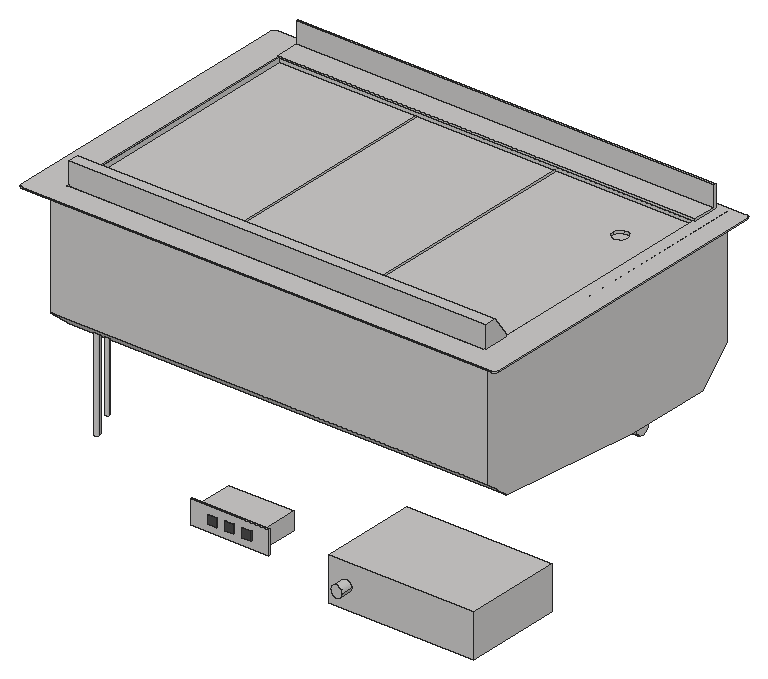
Revit family "QF_ELECTROLUXPROFESSIONAL_341099_D12R3", category Specialty Equipment, Revit 2018
Family settings
  Round Connector Dimension = Use Diameter
  Part Type = Normal
  Work Plane-Based = No
  Always vertical = Yes
  Cut with Voids When Loaded = No
  Shared = No
  Room Calculation Point = No
Parameters (values of type "341047.rfa")
  Weight = 0.00 kg
  Watts = 0 W
  Volts = 0 V
  URL Manufacturer = ""
  URL = ""
  Steam Supply Size = 0 mm
  Steam Supply Minimum Pressure = 0.0 Pa
  Steam Supply Maximum Pressure = 0.0 Pa
  Steam Pounds per Hour = 0
  Show Clearance [instance] = yes
  Remote Electrical Box_Z [instance] = 200.00 mm
  Remote Electrical Box_Y [instance] = 500.00 mm
  Remote Electrical Box_X [instance] = 700.00 mm
  Refrigeration Suction Line Size = 0 mm
  Refrigeration Liquid Line Size = 0 mm
  Refrigerant Compressor Remote = yes
  Manufacturer = ""
  Phase = 0
  Model = ""
  Length Actual = 1120.00 mm  # constant formula
  Item Number = ""
  Hot Water Size = 0 mm
  Height Actual = 390.00 mm  # constant formula
  HP = "0.1 HP"
  Gas Size = 0 mm
  Gas KW = 0
  Gas Input Pressure = 0 W
  Direct Waste Size = 25.4 mm
  Description = ""
  Depth Actual = 750.00 mm  # constant formula
  Cycle = 0 Hz
  Controller_Y [instance] = 500.00 mm
  Controller_1Z [instance] = 200.00 mm
  Controller_1X [instance] = 300.00 mm
  Condensate Return Size = 0 mm
  Compressed Air Volume = 0.0 L/s
  Compressed Air Size = 0 mm
  Compressed Air Pressure = 0.0 Pa
  Cold Water Size = 0 mm
  Accessory = yes
Types (2, lengths in mm): name | Volts | URL Manufacturer | URL | Manufacturer | Phase | Model | Item Number | Description | Cycle
  341047.rfa | 0 V | "" | "" | "" | 0 | "" | "" | "" | 0 Hz
  Standard | 220 V | "http://professional.electrolux.com" | "http://professional.electrolux.com" | "Electrolux Professional" | 1 | "D12R3" | "341099" | "DROP-IN REMOTE, REFRIGERATED WELL, VENTILATED, 3GN" | 50 Hz
Reference planes
  plane 1 "Centro (Fronte/Retro)": y = 74.737
  plane 2: z = 0
  plane 3 "BACK": y = 449.737
  plane 4 "FRONT": y = -300.263
  plane 5 "RIGHT": x = 45.731
  plane 6 "LEFT": x = -1074.269
  plane 7: x = -514.269
  plane 8 "TOP": z = 900
  plane 9: y = 417.737
  plane 10: y = -268.263
  plane 11: x = -0.769
  plane 12: x = -1027.769
  plane 13: y = 418.957
  plane 14: y = -244.483
  plane 15: x = -1004.269
  plane 16: x = -24.269
  plane 17: z = 898
  plane 18: x = -949.269
  plane 19: x = -499.269
  plane 20: x = -937.269
  plane 21: x = -511.269
  plane 22: x = -1001.269
  plane 23: x = -27.269
  plane 24: y = -229.763
  plane 25: y = 404.237
  plane 26: z = 554
  plane 27: z = 220
  plane 28: x = -677.602
  plane 29: x = -350.935
  plane 30: x = -680.675
  plane 31: x = -674.675
  plane 32: x = -353.862
  plane 33: x = -347.862
  plane 34 "2": y = 258.737
  plane 35 "1": x = -107.019
  plane 36: y = -195.263
  plane 37: y = 344.737
  plane 38: x = -774.269
  plane 39: x = -374.269
  plane 40: y = -50.263
  plane 41: y = -50.263
  plane 42: z = 200
  plane 43: z = 200
Forms (mm)
  Extrusion 1, solid, material "QF_Finishes_Stainless Steel"
    sketch origin (0, 0, 900) x (-1, 0, 0) y (0, -1, 0)
      loop
        arc (1064.269, -449.737) -> (1071.34, -446.808) -> (1074.269, -439.737) r 10
        line (1074.269, -439.737) -> (1074.269, 290.263)
        arc (1074.269, 290.263) -> (1071.34, 297.334) -> (1064.269, 300.263) r 10
        line (1064.269, 300.263) -> (-35.731, 300.263)
        arc (-35.731, 300.263) -> (-42.802, 297.334) -> (-45.731, 290.263) r 10
        line (-45.731, 290.263) -> (-45.731, -439.737)
        arc (-45.731, -439.737) -> (-42.802, -446.808) -> (-35.731, -449.737) r 10
        line (-35.731, -449.737) -> (1064.269, -449.737)
      loop
        line (1004.269, -418.957) -> (1004.269, 244.483) -> (24.269, 244.483) -> (24.269, -418.957) -> (1004.269, -418.957)
    from 0 to -2
  Extrusion 2, solid, material "QF_Finishes_Stainless Steel"
    sketch origin (231.731, 362.737, 0) x (0, -1, 0) y (0, 0, -1)
      loop
        line (625.5, -632.83) -> (569.68, -585.991) -> (204.019, -554) -> (-4.68, -554) -> (-74.5, -623.82) -> (-74.5, -898) -> (625.5, -898) -> (625.5, -632.83)
    from -1259.5 to -232.5
  Extrusion 3, solid, material "QF_Finishes_Stainless Steel"
    sketch origin (231.731, 362.737, 0) x (0, -1, 0) y (0, 0, -1)
      loop
        line (603, -950.5) -> (603, -898) -> (543, -898) -> (543, -905.079) -> (576, -950.5) -> (603, -950.5)
      loop
        line (-72, -950.5) -> (-67, -950.5) -> (-67, -903) -> (-12, -903) -> (-12, -898) -> (-72, -898) -> (-72, -950.5)
    from -1236 to -256
  Extrusion 4, void
    sketch origin (0, 0, 900) x (-1, 0, 0) y (0, -1, 0)
      loop
        line (1001.269, 180.263) -> (27.269, 180.263) -> (27.269, -374.737) -> (1001.269, -374.737) -> (1001.269, 180.263)
    from 0 to -15
  Extrusion 5, solid, material "QF_Finishes_Stainless Steel"
    sketch origin (0, 0, 900) x (-1, 0, 0) y (0, -1, 0)
      loop
        line (680.675, -374.737) -> (1001.269, -374.737) -> (1001.269, 180.263) -> (680.675, 180.263) -> (680.675, -374.737)
    from -15 to -10
  Extrusion 6, solid, material "QF_Finishes_Stainless Steel"
    sketch origin (-1028.537, 0, 900) x (1, 0, 0) y (0, 1, 0)
      loop
        line (680.675, 374.737) -> (680.675, -180.263) -> (1001.269, -180.263) -> (1001.269, 374.737) -> (680.675, 374.737)
    from -15 to -10
  Extrusion 7, solid, material "QF_Finishes_Stainless Steel"
    sketch origin (327.813, 0, 900) x (-1, 0, 0) y (0, -1, 0)
      loop
        line (681.675, -374.737) -> (1002.489, -374.737) -> (1002.489, 180.263) -> (681.675, 180.263) -> (681.675, -374.737)
    from -15 to -10
  Extrusion 8, void
    sketch origin (683.03, 184, 535.31) x (0, -1, 0) y (-1, 0, 0)
      loop
        circle (-74.737, 790.049) r 18
    from -364.69 to -18.69
  Sweep 9, solid, material "QF_Finishes_Stainless Steel"
    path origin (0, 258.737, 0) x (-1, 0, 0) y (0, 0, 1)
      loop
        line (107.019, 554) -> (107.019, 506) -> (55.269, 506)
    profile origin (-107.019, 258.737, 530) x (0, 1, 0) y (-1, 0, 0)
      loop
        circle (0, 0) r 18
  Extrusion 10, solid, material "QF_Finishes_Stainless Steel"
    sketch origin (-387, -65, 682) x (-1, 0, 0) y (0, -1, 0)
      loop
        circle (566.269, 155.263) r 6.35
    from -58.18 to -296
  Extrusion 11, solid, material "QF_Finishes_Stainless Steel"
    sketch origin (-462, -65, 682) x (-1, 0, 0) y (0, -1, 0)
      loop
        circle (466.269, 155.263) r 4.76
    from -58.18 to -246
Cuts and joins
  Extrusion 4 cuts Extrusion 3
  Extrusion 4 cuts Extrusion 2
  Extrusion 8 cuts Extrusion 6
Lines and regions (mm)
  symbolic lines
    curve 1: line (35.731, 449.737, 900) -> (-1064.269, 449.737, 900)
    curve 2: arc (-1064.269, 449.737, 900) -> (-1071.34, 446.808, 900) -> (-1074.269, 439.737, 900) r 10
    curve 3: line (-1074.269, 439.737, 900) -> (-1074.269, -290.263, 900)
    curve 4: arc (-1074.269, -290.263, 900) -> (-1071.34, -297.334, 900) -> (-1064.269, -300.263, 900) r 10
    curve 5: line (-1064.269, -300.263, 900) -> (35.731, -300.263, 900)
    curve 6: arc (35.731, -300.263, 900) -> (42.802, -297.334, 900) -> (45.731, -290.263, 900) r 10
    curve 7: line (45.731, -290.263, 900) -> (45.731, 439.737, 900)
    curve 8: arc (45.731, 439.737, 900) -> (42.802, 446.808, 900) -> (35.731, 449.737, 900) r 10
    curve 9: line (-1004.269, 434.737, 900) -> (-24.269, 434.737, 900)
    curve 10: line (-24.269, 434.737, 900) -> (-24.269, -244.483, 900)
    curve 11: line (-24.269, -244.483, 900) -> (-1004.269, -244.483, 900)
    curve 12: line (-1004.269, -244.483, 900) -> (-1004.269, 434.737, 900)
    curve 13: line (-24.269, 429.737, 900) -> (-1004.269, 429.737, 900)
    curve 14: line (-1004.269, 374.737, 900) -> (-24.269, 374.737, 900)
    curve 15: line (-24.269, -180.263, 900) -> (-1004.269, -180.263, 900)
    curve 16: line (-24.269, -213.263, 900) -> (-1004.269, -213.263, 900)
    curve 17: line (-1004.269, -240.263, 900) -> (-24.269, -240.263, 900)
    curve 18: line (-680.675, -180.263, 900) -> (-680.675, 374.737, 900)
    curve 19: line (-674.675, 374.737, 900) -> (-674.675, -180.263, 900)
    curve 20: line (-1001.269, 374.737, 900) -> (-1001.269, -180.263, 900)
    curve 21: line (-27.269, -180.263, 900) -> (-27.269, 374.737, 900)
    curve 22: line (-353.862, -180.263, 900) -> (-353.862, 374.737, 900)
    curve 23: line (-347.862, 374.737, 900) -> (-347.862, -180.263, 900)
    curve 24: arc (-125.019, 258.737, 900) -> (-107.019, 276.737, 900) -> (-89.019, 258.737, 900) r 18
    curve 25: arc (-89.019, 258.737, 900) -> (-107.019, 240.737, 900) -> (-125.019, 258.737, 900) r 18
  symbolic lines, style "SpecialityEquipmentHiddenLines"
    curve 26: line (-949.269, 344.737, 900) -> (-499.269, 344.737, 900)
    curve 27: line (-949.269, -195.263, 900) -> (-949.269, 344.737, 900)
    curve 28: line (-499.269, -195.263, 900) -> (-949.269, -195.263, 900)
    curve 29: line (-499.269, 344.737, 900) -> (-499.269, -195.263, 900)
    curve 30: line (-1027.769, 437.237, 900) -> (-1027.769, -262.763, 900)
    curve 31: line (-1027.769, -262.763, 900) -> (-0.769, -262.763, 900)
    curve 32: line (-0.769, -262.763, 900) -> (-0.769, 437.237, 900)
    curve 33: line (-0.769, 437.237, 900) -> (-1027.769, 437.237, 900)
Dimensions and locks
  plane 6 "LEFT" to plane 5 "RIGHT" = 1120.00 mm
  equal spacing: plane 3 "BACK", plane 1 "Centro (Fronte/Retro)", plane 4 "FRONT"
  plane 3 "BACK" to plane 4 "FRONT" = 750.00 mm
  plane 6 "LEFT" to plane 7 to plane 5 "RIGHT" = 560.00 mm, 560.00 mm
  locked: plane 8 "TOP" to plane 2 at 900
  locked: plane 6 "LEFT" to plane 12 at 46.5
  locked: plane 11 to plane 5 "RIGHT" at 46.5
  locked: plane 3 "BACK" to plane 9 at 32
  locked: plane 10 to plane 4 "FRONT" at 32
  locked: plane 3 "BACK" to plane 13 at 30.78
  locked: plane 14 to plane 4 "FRONT" at 55.78
  plane 6 "LEFT" to plane 15 = 70.00 mm
  plane 16 to plane 5 "RIGHT" = 70.00 mm
  locked: plane 8 "TOP" to plane 17 at 2
  plane 19 to plane 18 = 450.00 mm
  locked: plane 20 to plane 18 at 12
  locked: plane 19 to plane 21 at 12
  locked: plane 15 to plane 22 at 3
  locked: plane 23 to plane 16 at 3
  plane 19 to plane 7 to plane 18 = 15.00 mm, 435.00 mm
  plane 8 "TOP" to plane 26 = 346.00 mm
  plane 8 "TOP" to plane 27 = 680.00 mm
  equal spacing: plane 15, plane 28, plane 29, plane 16
  plane 15 to plane 16 = 980.00 mm
  plane 26 to plane 27 = 334.00 mm  (x2)
  plane 18 to plane 6 "LEFT" = 125.00 mm
  equal spacing: plane 36, plane 1 "Centro (Fronte/Retro)", plane 37
  plane 36 to plane 37 = 540.00 mm
  "Controller_Y": plane 3 "BACK" to plane 41
  "Remote Electrical Box_Y": plane 3 "BACK" to plane 40
  "Controller_1X": plane 6 "LEFT" to plane 38
  "Remote Electrical Box_X": plane 6 "LEFT" to plane 39
  "Controller_1Z": plane 42 to plane 2
  "Remote Electrical Box_Z": plane 43 to plane 2
  aligned and locked: level to plane 2
  aligned and locked: Extrusion 1 sketch curve to plane 3 "BACK"
  aligned and locked: plane 6 "LEFT" to Extrusion 1 sketch curve
  aligned and locked: plane 4 "FRONT" to Extrusion 1 sketch curve
  aligned and locked: Extrusion 1 sketch curve to plane 5 "RIGHT"
  aligned and locked: Extrusion 1 sketch curve to plane 13
  aligned and locked: plane 15 to Extrusion 1 sketch curve
  aligned and locked: Extrusion 1 sketch curve to plane 14
  aligned and locked: Extrusion 1 sketch curve to plane 16
  aligned and locked: Extrusion 1 to plane 17
  aligned and locked: Extrusion 1 to Extrusion 2 sketch curve
  aligned and locked: Extrusion 3 to Extrusion 1  (x2)
  aligned and locked: Extrusion 4 sketch curve to cut or joined group of Extrusion 3, Extrusion 4  (x2)
  aligned and locked: Extrusion 4 sketch curve to plane 22
  aligned and locked: plane 23 to Extrusion 4 sketch curve
  aligned and locked: Extrusion 5 sketch curve to cut or joined group of Extrusion 3, Extrusion 4
  aligned and locked: Extrusion 5 sketch curve to cut or joined group of Extrusion 2, Extrusion 4  (x2)
  aligned and locked: Extrusion 1 to Extrusion 3  (x2)
  aligned and locked: plane 26 to cut or joined group of Extrusion 2, Extrusion 4
  aligned and locked: Extrusion 5 sketch curve to plane 30
  aligned and locked: Extrusion 6 to plane 33
  aligned and locked: Extrusion 7 to plane 32
  aligned and locked: Extrusion 7 to plane 31
  aligned and locked: Extrusion 2 to plane 12
  aligned and locked: plane 39 to nested 2
  aligned and locked: plane 38 to nested 1
  aligned and locked: plane 40 to nested 2
  aligned and locked: nested 1 to plane 41
  aligned and locked: plane 43 to nested 2
  aligned and locked: nested 1 to plane 42
Automatic sketch dimensions
  Extrusion 1 sketch curve to plane 5 "RIGHT" = 10.00 mm
  Extrusion 1 sketch curve to plane 3 "BACK" = 10.00 mm  (x2)
  Extrusion 1 sketch curve to Extrusion 1 sketch curve = 10.00 mm
  Extrusion 2 sketch curve to plane 26 = 0.00 mm
  Extrusion 2 sketch curve to plane 3 "BACK" = 12.50 mm
  plane 25 to Extrusion 2 sketch curve = 36.82 mm
  Extrusion 2 sketch curve to plane 1 "Centro (Fronte/Retro)" = 83.981 mm
  plane 24 to Extrusion 2 sketch curve = 22.82 mm
  plane 10 to Extrusion 2 sketch curve = 5.50 mm
  plane 26 to Extrusion 2 sketch curve = 78.83 mm
  plane 26 to Extrusion 2 sketch curve = 69.82 mm
  plane 26 to Extrusion 2 sketch curve = 31.991 mm
  Extrusion 6 sketch curve to plane 33 = 0.00 mm
  Extrusion 6 sketch curve to plane 23 = 0.00 mm
  Extrusion 6 sketch curve to plane 25 = 29.50 mm
  Extrusion 6 sketch curve to plane 24 = 49.50 mm
  Extrusion 7 sketch curve to plane 32 = 0.00 mm
  Extrusion 7 sketch curve to plane 31 = 0.00 mm
  plane 25 to Extrusion 7 sketch curve = 29.50 mm
  plane 24 to Extrusion 7 sketch curve = 49.50 mm
  Extrusion 8 sketch curve to Extrusion 8 sketch curve = 0.00 mm  (x2)
  plane 19 to Extrusion 8 sketch curve = 392.25 mm
  plane 25 to Extrusion 8 sketch curve = 145.50 mm
  plane 19 to Extrusion 8 sketch curve = 374.25 mm
  Extrusion 3 sketch curve to plane 17 = 0.00 mm  (x2)
  Extrusion 3 sketch curve to plane 3 "BACK" = 15.00 mm
  plane 8 "TOP" to Extrusion 3 sketch curve = 3.00 mm
  plane 25 to Extrusion 3 sketch curve = 29.50 mm
  plane 8 "TOP" to Extrusion 3 sketch curve = 5.079 mm
  plane 24 to Extrusion 3 sketch curve = 49.50 mm
  plane 24 to Extrusion 3 sketch curve = 16.50 mm
  plane 14 to Extrusion 3 sketch curve = 4.22 mm
  Extrusion 3 sketch curve to Extrusion 3 sketch curve = 47.50 mm
  plane 8 "TOP" to Extrusion 3 sketch curve = 50.50 mm
  Extrusion 3 sketch curve to Extrusion 3 sketch curve = 5.00 mm
  plane 35 "1" to Sweep 9 sketch curve = 0.00 mm
  Sweep 9 sketch curve to plane 26 = 0.00 mm
  Sweep 9 sketch curve to plane 26 = 48.00 mm
  Sweep 9 sketch curve to plane 23 = 28.00 mm
  Sweep 9 sketch curve to Sweep 9 sketch curve = 0.00 mm  (x2)
  Sweep 9 sketch curve to plane 34 "2" = 0.00 mm
  Sweep 9 sketch curve to profile plane = 0.00 mm
  Sweep 9 sketch curve to Sweep 9 sketch curve = 18.00 mm
  curve 6 to plane 5 "RIGHT" = 0.00 mm
  curve 6 to plane 4 "FRONT" = 0.00 mm
  curve 8 to plane 3 "BACK" = 0.00 mm
  curve 10 to plane 16 = 0.00 mm
  curve 21 to plane 23 = 0.00 mm
  curve 24 to plane 34 "2" = 0.00 mm
  curve 25 to plane 35 "1" = 0.00 mm
  curve 23 to plane 33 = 0.00 mm
  curve 22 to plane 32 = 0.00 mm
  curve 28 to plane 19 = 0.00 mm
  curve 19 to plane 31 = 0.00 mm
  curve 18 to plane 30 = 0.00 mm
  curve 27 to plane 18 = 0.00 mm
  curve 20 to plane 22 = 0.00 mm
  curve 16 to plane 15 = 0.00 mm
  curve 3 to plane 6 "LEFT" = 0.00 mm
  curve 26 to plane 37 = 0.00 mm
  curve 27 to plane 36 = 0.00 mm
  curve 12 to plane 14 = 0.00 mm
  curve 7 to curve 8 = 10.00 mm
  plane 4 "FRONT" to curve 6 = 10.00 mm
  plane 4 "FRONT" to curve 4 = 10.00 mm
  curve 2 to curve 2 = 10.00 mm
  curve 9 to plane 3 "BACK" = 15.00 mm
  curve 24 to curve 24 = 18.00 mm
  curve 9 to curve 13 = 5.00 mm
  plane 25 to curve 21 = 29.50 mm
  plane 36 to curve 21 = 15.00 mm
  plane 24 to curve 16 = 16.50 mm
  curve 17 to curve 11 = 4.22 mm
  curve 31 to plane 11 = 0.00 mm
  curve 30 to plane 12 = 0.00 mm
  plane 10 to curve 31 = 5.50 mm
  curve 32 to plane 3 "BACK" = 12.50 mm
  Extrusion 10 sketch curve to plane 18 = 4.00 mm
  plane 24 to Extrusion 10 sketch curve = 9.50 mm
  plane 20 to Extrusion 11 sketch curve = 9.00 mm
  plane 24 to Extrusion 11 sketch curve = 9.50 mm
  radius of Extrusion 10 sketch curve = 6.35 mm
  radius of Extrusion 11 sketch curve = 4.76 mm
Nested families
  nested 1: "Controller" at (-774.269, -50.263, 200), type "Controller"
  nested 2: "Remote_Electrical_Box" at (-374.269, 64.737, 100), type "Remote_Electrical_Box"
  nested 3: "Refrigerator" at (-134.269, -110.263, 900), type "Refrigerator"
Connectors
  piping at (-55.269, 258.737, 506), diameter 36
    settings: on Sweep 9, index 1, connector inside diameter 609.6 mm, connector length 0.00 mm, flow factor 0, pipe flow 0.0 L/s, pressure drop 0.0 Pa, fitting loss kfactor 0, connector angle 0.00°, fixture units 0, engagement length 0.00 mm, angle of deflection 0.00°, flow configuration 1, flow direction 1, fitting loss method 0, system type 16, joint type 0, gender type 0, connector reference index -1, connector utility 0, adjustable connector no, is connector primary yes, connector description "Drain"
  electrical at (-504.269, -77.263, 149.381)
    settings: on nested 2, index 2, voltage 0 V, apparent load 0 VA, apparent load phase1 0 VA, apparent load phase2 0 VA, apparent load phase3 0 VA, power factor 1, load classification "Altro", number of poles 1, system type 14, power factor state 1, is connector primary yes, connector utility no, sub classification motor no, connector description ""
  piping at (-953.269, -220.263, 386), diameter 12.7
    settings: on Extrusion 10, index 18, connector inside diameter 609.6 mm, connector length 0.00 mm, flow factor 0, pipe flow 0.0 L/s, pressure drop 0.0 Pa, fitting loss kfactor 0, connector angle 0.00°, fixture units 0, engagement length 0.00 mm, angle of deflection 0.00°, flow configuration 1, flow direction 1, fitting loss method 0, system type 22, joint type 0, gender type 0, connector reference index -1, connector utility 0, adjustable connector no, is connector primary no, connector description ""
  piping at (-928.269, -220.263, 436), diameter 9.52
    settings: on Extrusion 11, index 19, connector inside diameter 609.6 mm, connector length 0.00 mm, flow factor 0, pipe flow 0.0 L/s, pressure drop 0.0 Pa, fitting loss kfactor 0, connector angle 0.00°, fixture units 0, engagement length 0.00 mm, angle of deflection 0.00°, flow configuration 1, flow direction 1, fitting loss method 0, system type 23, joint type 0, gender type 0, connector reference index -1, connector utility 0, adjustable connector no, is connector primary no, connector description ""
Definition of nested family "Controller"
  Reference planes
    plane 1 "Center (Front/Back)": y = 0
    plane 2: z = 0
    plane 3 "Center (Left/Right)": x = 0
  Forms (mm)
    Extrusion 1, solid
      sketch origin (0, 44.769, -48.2) x (1, 0, 0) y (0, 1, 0)
        loop
          line (-76, 43.231) -> (-76, -47.65) -> (76, -47.65) -> (76, 43.231) -> (-76, 43.231)
      from 6.2 to 48.2
    Extrusion 2, solid
      sketch origin (0, 44.769, -48.2) x (1, 0, 0) y (0, 0, 1)
        loop
          line (-92.25, 54.4) -> (-92.25, 0) -> (92.25, 0) -> (92.25, 54.4) -> (-92.25, 54.4)
        loop
          line (-76, 48.2) -> (-76, 6.2) -> (76, 6.2) -> (76, 48.2) -> (-76, 48.2)
      from 44.769 to 47.65
    Extrusion 3, solid
      sketch origin (76, -2.881, -48.2) x (-1, 0, 0) y (0, 0, -1)
        loop
          line (106, -37.2) -> (126, -37.2) -> (126, -17.2) -> (106, -17.2) -> (106, -37.2)
        loop
          line (66, -37.2) -> (86, -37.2) -> (86, -17.2) -> (66, -17.2) -> (66, -37.2)
        loop
          line (26, -37.2) -> (46, -37.2) -> (46, -17.2) -> (26, -17.2) -> (26, -37.2)
      from 0 to 2
    Extrusion 4, void
      sketch origin (0, 0, 0) x (1, 0, 0) y (0, 1, 0)
        loop
          line (76, 88) -> (-76, 88) -> (-76, 0) -> (76, 0) -> (76, 88)
      from 0 to -42
  Cuts and joins
    Extrusion 4 cuts Extrusion 2
    joined: Extrusion 1, Extrusion 2
  Lines and regions (mm)
    symbolic lines
      curve 1: line (-76, 88, 0) -> (-76, 0, 0)
      curve 2: line (76, 88, 0) -> (-76, 88, 0)
      curve 3: line (76, 0, 0) -> (76, 88, 0)
      curve 4: line (-92.25, -2.881, 0) -> (92.25, -2.881, 0)
      curve 5: line (-92.25, 0, 0) -> (-92.25, -2.881, 0)
      curve 6: line (92.25, 0, 0) -> (-92.25, 0, 0)
      curve 7: line (92.25, -2.881, 0) -> (92.25, 0, 0)
  Dimensions and locks
    aligned and locked: level to plane 2
Definition of nested family "Remote_Electrical_Box"
  Parameters (values of type "Remote_Electrical_Box")
    Default Elevation = 1219.20 mm
  Reference planes
    plane 1 "Center (Front/Back)": y = 0
    plane 2: z = 0
    plane 3 "Center (Left/Right)": x = 0
    plane 4: x = -170
    plane 5: x = 170
    plane 6: y = 115
    plane 7: y = -115
    plane 8: z = 100
    plane 9: z = 50
  Forms (mm)
    Extrusion 1, solid
      sketch origin (0, 0, 0) x (1, 0, 0) y (0, 1, 0)
        loop
          line (-170, 115) -> (-170, -115) -> (170, -115) -> (170, 115) -> (-170, 115)
      from 0 to 100
    Extrusion 2, solid
      sketch origin (0, 0, 0) x (1, 0, 0) y (0, 0, 1)
        loop
          circle (-130, 49.381) r 13
      from 115 to 142
  Lines and regions (mm)
    symbolic lines
      curve 1: line (-170, 115, 0) -> (170, 115, 0)
      curve 2: line (-170, -115, 0) -> (-170, 115, 0)
      curve 3: line (170, -115, 0) -> (-170, -115, 0)
      curve 4: line (170, 115, 0) -> (170, -115, 0)
      curve 5: line (-143, -142, 0) -> (-117, -142, 0)
      curve 6: line (-143, -142, 0) -> (-143, -115, 0)
      curve 7: line (-117, -142, 0) -> (-117, -115, 0)
  Dimensions and locks
    equal spacing: plane 4, plane 3 "Center (Left/Right)", plane 5
    equal spacing: plane 6, plane 1 "Center (Front/Back)", plane 7
    plane 4 to plane 5 = 340.00 mm
    plane 6 to plane 7 = 230.00 mm
    Extrusion 1 to Extrusion 2 sketch curve = 40.00 mm
    equal spacing: plane 8, plane 9, plane 2
    aligned and locked: level to plane 2
    aligned and locked: Extrusion 1 sketch curve to plane 6
    aligned and locked: plane 4 to Extrusion 1 sketch curve
    aligned and locked: plane 7 to Extrusion 1 sketch curve
    aligned and locked: Extrusion 1 sketch curve to plane 5
    aligned and locked: plane 7 to Extrusion 2
    aligned and locked: plane 8 to Extrusion 1
  Automatic sketch dimensions
    level to Extrusion 2 sketch curve = 49.381 mm
    curve 3 to plane 4 = 0.00 mm
    curve 7 to plane 7 = 0.00 mm
    curve 3 to plane 5 = 0.00 mm
    curve 2 to plane 6 = 0.00 mm
    plane 4 to curve 6 = 27.00 mm
    curve 5 to curve 6 = 27.00 mm
    curve 6 to curve 7 = 26.00 mm
    radius of Extrusion 2 sketch curve = 13.00 mm
Definition of nested family "Refrigerator"
  Reference planes
    plane 1 "Center (Front/Back)": y = 0
    plane 2: z = 0
    plane 3 "Center (Left/Right)": x = 0
  Lines and regions (mm)
    detail lines, in view "Ref. Level"
      curve 1: line (0, -60, 0) -> (0, 60, 0)
      curve 2: line (-51.962, 30, 0) -> (51.962, -30, 0)
      curve 3: line (-51.962, -30, 0) -> (51.962, 30, 0)
      curve 4: line (19.116, 56.873, 0) -> (0, 35, 0)
      curve 5: line (0, 35, 0) -> (-19.116, 56.873, 0)
      curve 6: line (-30.311, 17.5, 0) -> (-40, 45.883, 0)
      curve 7: line (-59.736, 11.7, 0) -> (-30.311, 17.5, 0)
      curve 8: line (-30.311, -17.5, 0) -> (-59.736, -11.7, 0)
      curve 9: line (-40, -45.883, 0) -> (-30.311, -17.5, 0)
      curve 10: line (0, -35, 0) -> (-19.116, -56.873, 0)
      curve 11: line (19.116, -56.873, 0) -> (0, -35, 0)
      curve 12: line (30.311, -17.5, 0) -> (39.696, -44.992, 0)
      curve 13: line (58.812, -11.882, 0) -> (30.311, -17.5, 0)
      curve 14: line (30.311, 17.5, 0) -> (58.812, 11.882, 0)
      curve 15: line (39.696, 44.992, 0) -> (30.311, 17.5, 0)
